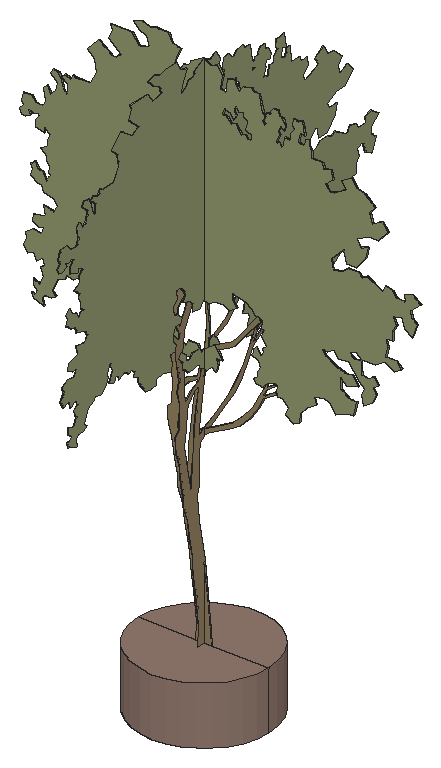
Revit family "L-PLT_목련", category 수목, Revit 2019
Family settings
  OmniClass 번호 = 23.40.05.00
  OmniClass 제목 = Plants and Planting Products
  작업 기준면 기반 = 아니오
  항상 수직 = 예
  로드될 때 보이드를 사용하여 절단 = 아니오
  렌더 모양 소스 = 패밀리 형상
  공유 = 아니오
Parameters
  콘 높이 = 뿌리분 직경 / 4  # 272.5 mm
  뿌리분 직경 = (24 mm + ((R / 10) - 3 mm) * 5) * 10  # 1090 mm
  뿌리분 높이 = 뿌리분 직경 / 2  # 545 mm
  높이 = 4500 mm
  R = 200 mm
  H = 높이  # 4500 mm
Reference planes
  plane 1 "중심(앞/뒤)": y = 0
  plane 2: z = 0
  plane 3 "중심(왼쪽/오른쪽)": x = 0
  plane 4: x = 482.5
  plane 5: x = -607.5
  plane 6: z = -545
  plane 7: z = -817.5
  plane 8: z = 4500
  plane 9: x = -100
  plane 10: x = 100
Forms (mm)
  Revolve 1, solid, material "흙"
    sketch origin (0, 0, 0) x (1, 0, 0) y (0, 0, 1)
      loop
        line (0, 0) -> (-607.5, 0) -> (-607.5, -545) -> (0, -545) -> (0, 0)
      axis (0, 0) -> (0, -545)
    angle from 0 to 360
  Revolve 2, solid, material "흙"
    sketch origin (0, 0, 0) x (1, 0, 0) y (0, 0, 1)
      loop
        line (0, -545) -> (-607.5, -545) -> (0, -817.5) -> (0, -545)
      axis (0, -545) -> (0, -817.5)
    angle from 0 to 360
Dimensions and locks
  "뿌리분 직경": plane 4 to plane 5
  "뿌리분 높이": plane 6 to level
  "콘 높이": plane 7 to plane 6
  "H": level to plane 8
  "R": plane 9 to plane 10
  aligned and locked: level to plane 2
Automatic sketch dimensions
  Revolve 1 sketch curve to level = 0 mm  (x2)
  Revolve 1 sketch curve to plane 5 = 0 mm
  Revolve 1 sketch curve to plane 3 "중심(왼쪽/오른쪽)" = 0 mm  (x2)
  Revolve 1 sketch curve to plane 6 = 0 mm  (x2)
  Revolve 2 sketch curve to plane 5 = 0 mm
  Revolve 2 sketch curve to plane 3 "중심(왼쪽/오른쪽)" = 0 mm  (x2)
  Revolve 2 sketch curve to plane 7 = 0 mm  (x2)
  Revolve 2 sketch curve to plane 6 = 0 mm  (x2)
Nested families
  nested 1: "목련_base" at (0, 0, 0), type "목련_base"
Definition of nested family "목련_base"
  Parameters (values of type "목련_base")
    Height = 6000 mm
  Reference planes
    plane 1 "중심(앞/뒤)": y = 0
    plane 2: z = 0
    plane 3 "중심(왼쪽/오른쪽)": x = 0
  Forms (mm)
    Extrusion 1, solid, detail levels fine
      sketch origin (0, 0, 0) x (1, 0, 0) y (0, 0, 1)
        loop
          line (-1402.115, 3232.192) -> (-1364.701, 3177.607) -> (-1398.07, 3125.044) -> (-1493.867, 3143.201) -> (-1476.65, 3058.16) -> (-1585.014, 3035.888) -> (-1596.154, 2978.182) -> (-1544.504, 2945.785) -> (-1489.816, 2955.909) -> (-1517.16, 2893.141) -> (-1596.154, 2907.314) -> (-1659.957, 2863.782) -> (-1649.83, 2812.15) -> (-1682.238, 2752.419) -> (-1647.804, 2694.713) -> (-1582.989, 2720.023) -> (-1562.734, 2656.242) -> (-1501.015, 2697.507) -> (-1484.798, 2641.783) -> (-1522.299, 2614.427) -> (-1496.961, 2542.492) -> (-1530.407, 2473.597) -> (-1588.178, 2496.9) -> (-1589.191, 2441.176) -> (-1548.65, 2407.741) -> (-1569.934, 2371.267) -> (-1608.448, 2379.373) -> (-1590.205, 2329.727) -> (-1489.866, 2298.319) -> (-1503.042, 2365.188) -> (-1476.69, 2393.557) -> (-1420.946, 2391.531) -> (-1377.365, 2419.899) -> (-1410.811, 2455.36) -> (-1362.801, 2563.351) -> (-1289.771, 2597.825) -> (-1278.614, 2627.23) -> (-1216.741, 2613.034) -> (-1156.898, 2660.69) -> (-1130.526, 2715.443) -> (-1144.726, 2761.07) -> (-1108.211, 2834.074) -> (-1082.853, 2825.963) -> (-1096.937, 2801.572) -> (-1068.352, 2752.676) -> (-1109.642, 2664.41) -> (-1057.553, 2643.454) -> (-1038.496, 2691.08) -> (-1005.463, 2678.38) -> (-999.111, 2639.644) -> (-938.764, 2677.11) -> (-888.58, 2640.914) -> (-844.749, 2661.235) -> (-812.987, 2623.134) -> (-821.245, 2588.208) -> (-768.521, 2567.888) -> (-770.426, 2520.897) -> (-759.627, 2504.387) -> (-733.583, 2465.651) -> (-690.387, 2410.406) -> (-633.215, 2395.165) -> (-623.052, 2406.595) -> (-568.421, 2404.055) -> (-568.421, 2452.951) -> (-489.667, 2471.87) -> (-399.117, 2450.512) -> (-384.873, 2515.604) -> (-402.163, 2591.965) -> (-342.089, 2586.876) -> (-331.907, 2640.822) -> (-359.399, 2674.411) -> (-367.545, 2733.446) -> (-342.089, 2800.624) -> (-284.052, 2792.481) -> (-265.724, 2839.302) -> (-305.99, 2887.216) -> (-364.073, 2899.44) -> (-367.13, 2972.781) -> (-321.275, 3025.749) -> (-333.503, 3099.09) -> (-279.497, 3097.053) -> (-257.079, 3068.531) -> (-231.604, 3042.047) -> (-218.357, 3005.377) -> (-241.794, 2962.594) -> (-167.408, 2933.054) -> (-140.914, 2900.458) -> (-132.763, 2834.248) -> (-56.339, 2826.099) -> (-23.731, 2872.955) -> (13.855, 2874.935) -> (51.478, 2856.449) -> (102.492, 2893.421) -> (191.767, 2902.983) -> (245.332, 2871.11) -> (316.114, 2918.282) -> (274.027, 2970.553) -> (274.027, 3022.824) -> (393.911, 2995.414) -> (452.577, 2955.254) -> (494.027, 2915.732) -> (552.055, 2890.234) -> (544.403, 2825.851) -> (569.91, 2819.477) -> (543.128, 2765.931) -> (595.265, 2692.21) -> (557.505, 2664.665) -> (567.71, 2630.998) -> (534.032, 2603.453) -> (496.272, 2656.503) -> (471.778, 2626.918) -> (471.778, 2595.292) -> (449.326, 2568.767) -> (514.642, 2543.262) -> (533.011, 2494.293) -> (507.498, 2448.384) -> (511.58, 2410.637) -> (473.819, 2383.092) -> (496.272, 2343.304) -> (564.649, 2340.244) -> (590.162, 2374.93) -> (668.112, 2411.887) -> (693.65, 2402.314) -> (682.478, 2341.683) -> (693.65, 2309.771) -> (739.271, 2305.817) -> (801.472, 2254.799) -> (772.764, 2183.054) -> (846.129, 2133.629) -> (905.141, 2165.516) -> (908.33, 2237.261) -> (973.721, 2313.789) -> (1058.251, 2363.213) -> (1039.112, 2425.392) -> (1137.996, 2447.713) -> (1183.573, 2426.69) -> (1237.737, 2347.066) -> (1336.507, 2391.656) -> (1408.195, 2401.211) -> (1438.463, 2522.24) -> (1374.741, 2520.648) -> (1288.715, 2581.163) -> (1285.529, 2673.527) -> (1344.473, 2625.753) -> (1451.506, 2659.254) -> (1397.342, 2737.286) -> (1354.329, 2719.769) -> (1247.594, 2754.804) -> (1145.638, 2805.764) -> (1112.184, 2851.946) -> (1164.755, 2847.169) -> (1223.698, 2883.796) -> (1263.525, 2821.689) -> (1362.295, 2834.429) -> (1404.608, 2773.168) -> (1449.162, 2704.77) -> (1504.855, 2657.05) -> (1477.804, 2601.377) -> (1496.899, 2513.89) -> (1579.643, 2566.382) -> (1621.015, 2644.325) -> (1593.964, 2696.817) -> (1638.518, 2731.811) -> (1601.92, 2793.847) -> (1546.227, 2754.08) -> (1482.578, 2763.624) -> (1479.396, 2824.07) -> (1477.804, 2879.743) -> (1417.338, 2878.152) -> (1360.054, 2913.147) -> (1431.659, 2935.416) -> (1484.169, 2892.468) -> (1609.876, 2898.831) -> (1695.802, 2949.732) -> (1794.459, 2905.194) -> (1857.51, 2943.339) -> (1806.63, 2995.79) -> (1709.639, 2998.969) -> (1727.129, 3080.031) -> (1714.409, 3146.787) -> (1773.24, 3156.324) -> (1773.24, 3235.796) -> (1809.81, 3289.837) -> (1778.01, 3359.773) -> (1851.15, 3386.793) -> (1881.36, 3289.837) -> (1954.5, 3245.333) -> (2005.38, 3370.899) -> (1951.32, 3409.045) -> (1943.37, 3469.444) -> (2037.181, 3547.327) -> (1956.09, 3604.547) -> (1886.13, 3577.526) -> (1892.49, 3525.075) -> (1808.22, 3526.664) -> (1774.83, 3571.168) -> (1704.291, 3588.698) -> (1673.801, 3527.742) -> (1536.6, 3611.557) -> (1488.325, 3586.159) -> (1445.132, 3614.097) -> (1356.205, 3614.097) -> (1302.849, 3570.919) -> (1216.463, 3550.6) -> (1201.218, 3642.036) -> (1315.553, 3756.33) -> (1340.961, 3647.115) -> (1432.428, 3647.115) -> (1521.355, 3756.33) -> (1544.222, 3850.305) -> (1470.54, 3837.606) -> (1432.428, 3885.863) -> (1544.222, 3949.36) -> (1638.231, 3946.82) -> (1732.239, 4048.415) -> (1676.342, 4116.992) -> (1587.415, 4071.274) -> (1556.926, 4152.55) -> (1610.282, 4210.967) -> (1513.733, 4297.322) -> (1440.051, 4307.482) -> (1391.776, 4388.758) -> (1292.686, 4325.261) -> (1338.42, 4266.844) -> (1231.707, 4208.427) -> (1178.351, 4190.648) -> (1145.321, 4251.605) -> (1213.922, 4307.482) -> (1201.218, 4386.218) -> (1127.536, 4373.518) -> (1119.913, 4416.696) -> (1015.742, 4424.316) -> (1015.742, 4482.733) -> (992.875, 4523.371) -> (992.875, 4566.335) -> (961.329, 4554.353) -> (949.343, 4489.451) -> (896.404, 4513.414) -> (908.39, 4592.295) -> (949.343, 4581.312) -> (941.352, 4643.219) -> (929.366, 4704.127) -> (893.407, 4684.157) -> (845.462, 4690.148) -> (838.471, 4630.238) -> (855.451, 4603.279) -> (814.498, 4553.354) -> (816.496, 4503.429) -> (763.557, 4505.426) -> (750.572, 4450.509) -> (739.585, 4400.585) -> (714.613, 4438.527) -> (686.646, 4438.527) -> (717.61, 4511.417) -> (704.625, 4537.378) -> (724.602, 4579.315) -> (758.563, 4559.345) -> (770.549, 4607.273) -> (744.579, 4657.198) -> (711.617, 4668.181) -> (703.626, 4709.119) -> (654.683, 4704.127) -> (629.711, 4670.178) -> (638.701, 4649.21) -> (592.754, 4651.207) -> (573.776, 4569.33) -> (591.755, 4555.351) -> (570.779, 4545.366) -> (551.801, 4571.327) -> (581.767, 4613.264) -> (557.794, 4642.22) -> (539.815, 4713.113) -> (525.305, 4783.499) -> (467.283, 4779.499) -> (453.278, 4810.5) -> (378.249, 4795.5) -> (341.235, 4749.498) -> (282.201, 4814.714) -> (226.968, 4803.671) -> (216.926, 4730.388) -> (220.943, 4686.218) -> (157.676, 4701.276) -> (181.778, 4819.733) -> (136.588, 4896.028) -> (71.313, 4857.88) -> (-4.005, 4899.039) -> (-117.483, 4838.807) -> (-124.06, 4802.064) -> (-183.332, 4789.009) -> (-202.42, 4751.851) -> (-285.803, 4701.638) -> (-253.655, 4811.102) -> (-208.447, 4906.507) -> (-288.817, 4927.597) -> (-322.973, 5000.908) -> (-439.509, 5003.92) -> (-505.814, 4982.831) -> (-575.132, 5007.937) -> (-652.487, 4986.848) -> (-600.247, 4929.605) -> (-526.911, 4900.482) -> (-498.781, 4818.132) -> (-599.243, 4796.039) -> (-667.651, 4883.313) -> (-863.879, 4883.313) -> (-847.795, 4838.293) -> (-883.18, 4759.508) -> (-764.157, 4659.821) -> (-841.361, 4616.409) -> (-976.469, 4708.057) -> (-1082.624, 4598.723) -> (-1018.288, 4537.625) -> (-1000.595, 4429.898) -> (-1055.281, 4322.172) -> (-1191.997, 4320.564) -> (-1213.659, 4337.104) -> (-1240.074, 4294.98) -> (-1294.161, 4310.698) -> (-1324.35, 4283.664) -> (-1274.036, 4235.254) -> (-1270.891, 4145.349) -> (-1310.514, 4183.7) -> (-1324.979, 4250.971) -> (-1349.507, 4308.183) -> (-1400.45, 4320.757) -> (-1424.349, 4281.149) -> (-1366.488, 4217.021) -> (-1380.324, 4138.433) -> (-1426.221, 4105.05) -> (-1458.443, 4161.418) -> (-1490.665, 4130.214) -> (-1474.554, 4022.51) -> (-1496.706, 3973.188) -> (-1563.164, 3977.215) -> (-1605.455, 4030.563) -> (-1682.989, 4023.517) -> (-1704.134, 3952.05) -> (-1679.831, 3915.984) -> (-1717.145, 3880.699) -> (-1697.984, 3840.374) -> (-1664.704, 3835.334) -> (-1614.28, 3861.545) -> (-1637.475, 3901.87) -> (-1592.093, 3882.716) -> (-1553.771, 3899.854) -> (-1530.576, 3881.707) -> (-1565.873, 3832.309) -> (-1566.881, 3778.879) -> (-1486.056, 3755.2) -> (-1483.533, 3795.546) -> (-1428.039, 3758.983) -> (-1460.831, 3705.399) -> (-1455.155, 3653.707) -> (-1518.217, 3614.622) -> (-1462.294, 3568.102) -> (-1466.336, 3527.7) -> (-1441.075, 3483.257) -> (-1444.107, 3435.784) -> (-1415.815, 3411.543) -> (-1448.148, 3399.422) -> (-1467.346, 3358.01) -> (-1494.628, 3417.603) -> (-1546.159, 3436.794) -> (-1570.409, 3489.318) -> (-1618.909, 3453.965) -> (-1596.68, 3415.583) -> (-1618.51, 3358.547) -> (-1551.771, 3310.027) -> (-1508.29, 3312.048) -> (-1493.122, 3255.441) -> (-1402.115, 3232.192)
        loop
          line (26.539, 2291.366) -> (78.667, 2337.345) -> (117.507, 2314.867) -> (142.038, 2375.151) -> (126.706, 2428.282) -> (180.879, 2428.282) -> (145.105, 2491.631) -> (105.189, 2535.243) -> (60.268, 2502.87) -> (-27.634, 2439.521) -> (-49.098, 2485.5) -> (-138.023, 2485.5) -> (-165.62, 2442.587) -> (-223.881, 2460.978) -> (-223.881, 2515.131) -> (-261.7, 2547.828) -> (-296.452, 2534.545) -> (-296.452, 2511.044) -> (-255.567, 2457.913) -> (-255.567, 2411.934) -> (-191.173, 2349.607) -> (-130.868, 2349.607) -> (-65.452, 2370.042) -> (-50.121, 2325.084) -> (26.539, 2291.366)
        loop
          line (261.545, 4445.488) -> (308.551, 4456.139) -> (332.368, 4414.787) -> (359.945, 4384.087) -> (395.671, 4397.871) -> (420.114, 4364.665) -> (453.959, 4367.797) -> (453.332, 4420.426) -> (392.537, 4441.728) -> (411.966, 4491.851) -> (411.966, 4523.178) -> (375.614, 4541.974) -> (379.375, 4582.699) -> (333.622, 4567.662) -> (298.523, 4605.254) -> (291.629, 4559.517) -> (307.298, 4524.431) -> (285.361, 4488.092) -> (257.157, 4535.082) -> (202.003, 4546.986) -> (183.2, 4499.37) -> (232.087, 4485.586) -> (261.545, 4445.488)
      from 0 to 5
    Extrusion 2, solid, detail levels fine
      sketch origin (0, 0, 0) x (1, 0, 0) y (0, 0, 1)
        loop
          line (-283.089, 2117.308) -> (-293.341, 1910.317) -> (-335.152, 1866.498) -> (-330.432, 1797.063) -> (-326.169, 1721.763) -> (-304.681, 1669.136) -> (-287.49, 1585.361) -> (-278.895, 1508.031) -> (-254.183, 1365.185) -> (-243.439, 1332.964) -> (-240.132, 1231.284) -> (-191.159, 1104.536) -> (-171.704, 965.046) -> (-134.03, 780.124) -> (-130.815, 710.494) -> (-113.088, 528.051) -> (-93.687, 409.124) -> (-63.843, 156.051) -> (-75, 0) -> (75, 0) -> (67.295, 126.981) -> (37.471, 406.719) -> (4.659, 694.647) -> (-61.761, 1045.843) -> (-86.231, 1271.238) -> (-69.216, 1348.115) -> (-69.216, 1611.663) -> (-53.836, 1699.513) -> (47.227, 1776.381) -> (242.346, 1876.329) -> (350.283, 1944.59) -> (437.292, 2032.669) -> (511.085, 2136.162) -> (568.358, 2241.857) -> (686.948, 2316.972) -> (678.409, 2338.923) -> (584.07, 2278.762) -> (566.584, 2277.543) -> (597.895, 2334.451) -> (689.388, 2398.27) -> (675.156, 2403.961) -> (608.061, 2358.434) -> (598.708, 2354.776) -> (600.742, 2375.1) -> (592.202, 2370.629) -> (560.485, 2317.785) -> (530.91, 2256.17) -> (465.928, 2136.162) -> (363.499, 2018.356) -> (277.591, 1944.59) -> (112.383, 1853.208) -> (-9.872, 1794.855) -> (-62.738, 1751.917) -> (-62.738, 1823.481) -> (-34.102, 2062.396) -> (9.953, 2266.078) -> (16.026, 2291.733) -> (-30.799, 2313.376) -> (-40.84, 2267.469) -> (-48.606, 2225.381) -> (-151.894, 2175.58) -> (-221.939, 2112.376) -> (-239.608, 2185.783) -> (-238.503, 2271.884) -> (-235.709, 2381.739) -> (-263.918, 2405.452) -> (-262.72, 2456.203) -> (-302.779, 2507.861) -> (-302.779, 2535.092) -> (-265.123, 2547.906) -> (-258.342, 2599.573) -> (-240.706, 2709.896) -> (-234.304, 2739.332) -> (-148.527, 2901.228) -> (-168.371, 2929.383) -> (-199.097, 2941.542) -> (-286.176, 2766.016) -> (-295.138, 2790.972) -> (-322.663, 2794.172) -> (-290.657, 2712.904) -> (-293.217, 2673.23) -> (-309.221, 2677.069) -> (-362.351, 2730.181) -> (-355.31, 2678.349) -> (-325.224, 2644.434) -> (-332.905, 2612.439) -> (-333.37, 2529.713) -> (-293.231, 2322.104) -> (-312.839, 2233.562) -> (-283.089, 2117.308)
        loop
          line (-206.48, 1555.476) -> (-176.664, 1385.48) -> (-161.205, 1349.053) -> (-146.849, 1364.507) -> (-147.953, 1419.7) -> (-135.806, 1517.944) -> (-134.702, 1613.98) -> (-123.66, 1681.316) -> (-112.617, 1840.273) -> (-93.844, 2003.645) -> (-61.821, 2153.771) -> (-54.921, 2191.16) -> (-134.207, 2142.228) -> (-198.121, 2073.112) -> (-204.271, 2038.969) -> (-217.522, 1882.22) -> (-232.982, 1813.78) -> (-238.503, 1736.509) -> (-225.252, 1690.147) -> (-206.48, 1555.476)
        loop
          line (505.008, 2907.007) -> (307.766, 2658.038) -> (266.791, 2613.021) -> (110.236, 2533.335) -> (138.506, 2502.771) -> (245.974, 2556.935) -> (297.778, 2594.479) -> (431.172, 2759.545) -> (548.846, 2886.996) -> (505.008, 2907.007)
        loop
          line (19.365, 2866.457) -> (28.227, 2665.213) -> (10.836, 2471.8) -> (48.769, 2498.931) -> (56.594, 2664.808) -> (44.817, 2855.957) -> (19.365, 2866.457)
      from 0 to 5
    Extrusion 3, solid, detail levels fine
      sketch origin (0, 0, 0) x (0, 1, 0) y (0, 0, 1)
        loop
          line (-1402.115, 3232.192) -> (-1364.701, 3177.607) -> (-1398.07, 3125.044) -> (-1493.867, 3143.201) -> (-1476.65, 3058.16) -> (-1585.014, 3035.888) -> (-1596.154, 2978.182) -> (-1544.504, 2945.785) -> (-1489.816, 2955.909) -> (-1517.16, 2893.141) -> (-1596.154, 2907.314) -> (-1659.957, 2863.782) -> (-1649.83, 2812.15) -> (-1682.238, 2752.419) -> (-1647.804, 2694.713) -> (-1582.989, 2720.023) -> (-1562.734, 2656.242) -> (-1501.015, 2697.507) -> (-1484.798, 2641.783) -> (-1522.299, 2614.427) -> (-1496.961, 2542.492) -> (-1530.407, 2473.597) -> (-1588.178, 2496.9) -> (-1589.191, 2441.176) -> (-1548.65, 2407.741) -> (-1569.934, 2371.267) -> (-1608.448, 2379.373) -> (-1590.205, 2329.727) -> (-1489.866, 2298.319) -> (-1503.042, 2365.188) -> (-1476.69, 2393.557) -> (-1420.946, 2391.531) -> (-1377.365, 2419.899) -> (-1410.811, 2455.36) -> (-1362.801, 2563.351) -> (-1289.771, 2597.825) -> (-1278.614, 2627.23) -> (-1216.741, 2613.034) -> (-1156.898, 2660.69) -> (-1130.526, 2715.443) -> (-1144.726, 2761.07) -> (-1108.211, 2834.074) -> (-1082.853, 2825.963) -> (-1096.937, 2801.572) -> (-1068.352, 2752.676) -> (-1109.642, 2664.41) -> (-1057.553, 2643.454) -> (-1038.496, 2691.08) -> (-1005.463, 2678.38) -> (-999.111, 2639.644) -> (-938.764, 2677.11) -> (-888.58, 2640.914) -> (-844.749, 2661.235) -> (-812.987, 2623.134) -> (-821.245, 2588.208) -> (-768.521, 2567.888) -> (-770.426, 2520.897) -> (-759.627, 2504.387) -> (-733.583, 2465.651) -> (-690.387, 2410.406) -> (-633.215, 2395.165) -> (-623.052, 2406.595) -> (-568.421, 2404.055) -> (-568.421, 2452.951) -> (-489.667, 2471.87) -> (-399.117, 2450.512) -> (-384.873, 2515.604) -> (-402.163, 2591.965) -> (-342.089, 2586.876) -> (-331.907, 2640.822) -> (-359.399, 2674.411) -> (-367.545, 2733.446) -> (-342.089, 2800.624) -> (-284.052, 2792.481) -> (-265.724, 2839.302) -> (-305.99, 2887.216) -> (-364.073, 2899.44) -> (-367.13, 2972.781) -> (-321.275, 3025.749) -> (-333.503, 3099.09) -> (-279.497, 3097.053) -> (-257.079, 3068.531) -> (-231.604, 3042.047) -> (-218.357, 3005.377) -> (-241.794, 2962.594) -> (-167.408, 2933.054) -> (-140.914, 2900.458) -> (-132.763, 2834.248) -> (-56.339, 2826.099) -> (-23.731, 2872.955) -> (13.855, 2874.935) -> (51.478, 2856.449) -> (102.492, 2893.421) -> (191.767, 2902.983) -> (245.332, 2871.11) -> (316.114, 2918.282) -> (274.027, 2970.553) -> (274.027, 3022.824) -> (393.911, 2995.414) -> (452.577, 2955.254) -> (494.027, 2915.732) -> (552.055, 2890.234) -> (544.403, 2825.851) -> (569.91, 2819.477) -> (543.128, 2765.931) -> (595.265, 2692.21) -> (557.505, 2664.665) -> (567.71, 2630.998) -> (534.032, 2603.453) -> (496.272, 2656.503) -> (471.778, 2626.918) -> (471.778, 2595.292) -> (449.326, 2568.767) -> (514.642, 2543.262) -> (533.011, 2494.293) -> (507.498, 2448.384) -> (511.58, 2410.637) -> (473.819, 2383.092) -> (496.272, 2343.304) -> (564.649, 2340.244) -> (590.162, 2374.93) -> (668.112, 2411.887) -> (693.65, 2402.314) -> (682.478, 2341.683) -> (693.65, 2309.771) -> (739.271, 2305.817) -> (801.472, 2254.799) -> (772.764, 2183.054) -> (846.129, 2133.629) -> (905.141, 2165.516) -> (908.33, 2237.261) -> (973.721, 2313.789) -> (1058.251, 2363.213) -> (1039.112, 2425.392) -> (1137.996, 2447.713) -> (1183.573, 2426.69) -> (1237.737, 2347.066) -> (1336.507, 2391.656) -> (1408.195, 2401.211) -> (1438.463, 2522.24) -> (1374.741, 2520.648) -> (1288.715, 2581.163) -> (1285.529, 2673.527) -> (1344.473, 2625.753) -> (1451.506, 2659.254) -> (1397.342, 2737.286) -> (1354.329, 2719.769) -> (1247.594, 2754.804) -> (1145.638, 2805.764) -> (1112.184, 2851.946) -> (1164.755, 2847.169) -> (1223.698, 2883.796) -> (1263.525, 2821.689) -> (1362.295, 2834.429) -> (1404.608, 2773.168) -> (1449.162, 2704.77) -> (1504.855, 2657.05) -> (1477.804, 2601.377) -> (1496.899, 2513.89) -> (1579.643, 2566.382) -> (1621.015, 2644.325) -> (1593.964, 2696.817) -> (1638.518, 2731.811) -> (1601.92, 2793.847) -> (1546.227, 2754.08) -> (1482.578, 2763.624) -> (1479.396, 2824.07) -> (1477.804, 2879.743) -> (1417.338, 2878.152) -> (1360.054, 2913.147) -> (1431.659, 2935.416) -> (1484.169, 2892.468) -> (1609.876, 2898.831) -> (1695.802, 2949.732) -> (1794.459, 2905.194) -> (1857.51, 2943.339) -> (1806.63, 2995.79) -> (1709.639, 2998.969) -> (1727.129, 3080.031) -> (1714.409, 3146.787) -> (1773.24, 3156.324) -> (1773.24, 3235.796) -> (1809.81, 3289.837) -> (1778.01, 3359.773) -> (1851.15, 3386.793) -> (1881.36, 3289.837) -> (1954.5, 3245.333) -> (2005.38, 3370.899) -> (1951.32, 3409.045) -> (1943.37, 3469.444) -> (2037.181, 3547.327) -> (1956.09, 3604.547) -> (1886.13, 3577.526) -> (1892.49, 3525.075) -> (1808.22, 3526.664) -> (1774.83, 3571.168) -> (1704.291, 3588.698) -> (1673.801, 3527.742) -> (1536.6, 3611.557) -> (1488.325, 3586.159) -> (1445.132, 3614.097) -> (1356.205, 3614.097) -> (1302.849, 3570.919) -> (1216.463, 3550.6) -> (1201.218, 3642.036) -> (1315.553, 3756.33) -> (1340.961, 3647.115) -> (1432.428, 3647.115) -> (1521.355, 3756.33) -> (1544.222, 3850.305) -> (1470.54, 3837.606) -> (1432.428, 3885.863) -> (1544.222, 3949.36) -> (1638.231, 3946.82) -> (1732.239, 4048.415) -> (1676.342, 4116.992) -> (1587.415, 4071.274) -> (1556.926, 4152.55) -> (1610.282, 4210.967) -> (1513.733, 4297.322) -> (1440.051, 4307.482) -> (1391.776, 4388.758) -> (1292.686, 4325.261) -> (1338.42, 4266.844) -> (1231.707, 4208.427) -> (1178.351, 4190.648) -> (1145.321, 4251.605) -> (1213.922, 4307.482) -> (1201.218, 4386.218) -> (1127.536, 4373.518) -> (1119.913, 4416.696) -> (1015.742, 4424.316) -> (1015.742, 4482.733) -> (992.875, 4523.371) -> (992.875, 4566.335) -> (961.329, 4554.353) -> (949.343, 4489.451) -> (896.404, 4513.414) -> (908.39, 4592.295) -> (949.343, 4581.312) -> (941.352, 4643.219) -> (929.366, 4704.127) -> (893.407, 4684.157) -> (845.462, 4690.148) -> (838.471, 4630.238) -> (855.451, 4603.279) -> (814.498, 4553.354) -> (816.496, 4503.429) -> (763.557, 4505.426) -> (750.572, 4450.509) -> (739.585, 4400.585) -> (714.613, 4438.527) -> (686.646, 4438.527) -> (717.61, 4511.417) -> (704.625, 4537.378) -> (724.602, 4579.315) -> (758.563, 4559.345) -> (770.549, 4607.273) -> (744.579, 4657.198) -> (711.617, 4668.181) -> (703.626, 4709.119) -> (654.683, 4704.127) -> (629.711, 4670.178) -> (638.701, 4649.21) -> (592.754, 4651.207) -> (573.776, 4569.33) -> (591.755, 4555.351) -> (570.779, 4545.366) -> (551.801, 4571.327) -> (581.767, 4613.264) -> (557.794, 4642.22) -> (539.815, 4713.113) -> (525.305, 4783.499) -> (467.283, 4779.499) -> (453.278, 4810.5) -> (378.249, 4795.5) -> (341.235, 4749.498) -> (282.201, 4814.714) -> (226.968, 4803.671) -> (216.926, 4730.388) -> (220.943, 4686.218) -> (157.676, 4701.276) -> (181.778, 4819.733) -> (136.588, 4896.028) -> (71.313, 4857.88) -> (-4.005, 4899.039) -> (-117.483, 4838.807) -> (-124.06, 4802.064) -> (-183.332, 4789.009) -> (-202.42, 4751.851) -> (-285.803, 4701.638) -> (-253.655, 4811.102) -> (-208.447, 4906.507) -> (-288.817, 4927.597) -> (-322.973, 5000.908) -> (-439.509, 5003.92) -> (-505.814, 4982.831) -> (-575.132, 5007.937) -> (-652.487, 4986.848) -> (-600.247, 4929.605) -> (-526.911, 4900.482) -> (-498.781, 4818.132) -> (-599.243, 4796.039) -> (-667.651, 4883.313) -> (-863.879, 4883.313) -> (-847.795, 4838.293) -> (-883.18, 4759.508) -> (-764.157, 4659.821) -> (-841.361, 4616.409) -> (-976.469, 4708.057) -> (-1082.624, 4598.723) -> (-1018.288, 4537.625) -> (-1000.595, 4429.898) -> (-1055.281, 4322.172) -> (-1191.997, 4320.564) -> (-1213.659, 4337.104) -> (-1240.074, 4294.98) -> (-1294.161, 4310.698) -> (-1324.35, 4283.664) -> (-1274.036, 4235.254) -> (-1270.891, 4145.349) -> (-1310.514, 4183.7) -> (-1324.979, 4250.971) -> (-1349.507, 4308.183) -> (-1400.45, 4320.757) -> (-1424.349, 4281.149) -> (-1366.488, 4217.021) -> (-1380.324, 4138.433) -> (-1426.221, 4105.05) -> (-1458.443, 4161.418) -> (-1490.665, 4130.214) -> (-1474.554, 4022.51) -> (-1496.706, 3973.188) -> (-1563.164, 3977.215) -> (-1605.455, 4030.563) -> (-1682.989, 4023.517) -> (-1704.134, 3952.05) -> (-1679.831, 3915.984) -> (-1717.145, 3880.699) -> (-1697.984, 3840.374) -> (-1664.704, 3835.334) -> (-1614.28, 3861.545) -> (-1637.475, 3901.87) -> (-1592.093, 3882.716) -> (-1553.771, 3899.854) -> (-1530.576, 3881.707) -> (-1565.873, 3832.309) -> (-1566.881, 3778.879) -> (-1486.056, 3755.2) -> (-1483.533, 3795.546) -> (-1428.039, 3758.983) -> (-1460.831, 3705.399) -> (-1455.155, 3653.707) -> (-1518.217, 3614.622) -> (-1462.294, 3568.102) -> (-1466.336, 3527.7) -> (-1441.075, 3483.257) -> (-1444.107, 3435.784) -> (-1415.815, 3411.543) -> (-1448.148, 3399.422) -> (-1467.346, 3358.01) -> (-1494.628, 3417.603) -> (-1546.159, 3436.794) -> (-1570.409, 3489.318) -> (-1618.909, 3453.965) -> (-1596.68, 3415.583) -> (-1618.51, 3358.547) -> (-1551.771, 3310.027) -> (-1508.29, 3312.048) -> (-1493.122, 3255.441) -> (-1402.115, 3232.192)
        loop
          line (26.539, 2291.366) -> (78.667, 2337.345) -> (117.507, 2314.867) -> (142.038, 2375.151) -> (126.706, 2428.282) -> (180.879, 2428.282) -> (145.105, 2491.631) -> (105.189, 2535.243) -> (60.268, 2502.87) -> (-27.634, 2439.521) -> (-49.098, 2485.5) -> (-138.023, 2485.5) -> (-165.62, 2442.587) -> (-223.881, 2460.978) -> (-223.881, 2515.131) -> (-261.7, 2547.828) -> (-296.452, 2534.545) -> (-296.452, 2511.044) -> (-255.567, 2457.913) -> (-255.567, 2411.934) -> (-191.173, 2349.607) -> (-130.868, 2349.607) -> (-65.452, 2370.042) -> (-50.121, 2325.084) -> (26.539, 2291.366)
        loop
          line (261.545, 4445.488) -> (308.551, 4456.139) -> (332.368, 4414.787) -> (359.945, 4384.087) -> (395.671, 4397.871) -> (420.114, 4364.665) -> (453.959, 4367.797) -> (453.332, 4420.426) -> (392.537, 4441.728) -> (411.966, 4491.851) -> (411.966, 4523.178) -> (375.614, 4541.974) -> (379.375, 4582.699) -> (333.622, 4567.662) -> (298.523, 4605.254) -> (291.629, 4559.517) -> (307.298, 4524.431) -> (285.361, 4488.092) -> (257.157, 4535.082) -> (202.003, 4546.986) -> (183.2, 4499.37) -> (232.087, 4485.586) -> (261.545, 4445.488)
      from 0 to 5
    Extrusion 4, solid, detail levels fine
      sketch origin (0, 0, 0) x (0, 1, 0) y (0, 0, 1)
        loop
          line (-283.089, 2117.308) -> (-293.341, 1910.317) -> (-335.152, 1866.498) -> (-330.432, 1797.063) -> (-326.169, 1721.763) -> (-304.681, 1669.136) -> (-287.49, 1585.361) -> (-278.895, 1508.031) -> (-254.183, 1365.185) -> (-243.439, 1332.964) -> (-240.132, 1231.284) -> (-191.159, 1104.536) -> (-171.704, 965.046) -> (-134.03, 780.124) -> (-130.815, 710.494) -> (-113.088, 528.051) -> (-93.687, 409.124) -> (-63.843, 156.051) -> (-75, 0) -> (75, 0) -> (67.295, 126.981) -> (37.471, 406.719) -> (4.659, 694.647) -> (-61.761, 1045.843) -> (-86.231, 1271.238) -> (-69.216, 1348.115) -> (-69.216, 1611.663) -> (-53.836, 1699.513) -> (47.227, 1776.381) -> (242.346, 1876.329) -> (350.283, 1944.59) -> (437.292, 2032.669) -> (511.085, 2136.162) -> (568.358, 2241.857) -> (686.948, 2316.972) -> (678.409, 2338.923) -> (584.07, 2278.762) -> (566.584, 2277.543) -> (597.895, 2334.451) -> (689.388, 2398.27) -> (675.156, 2403.961) -> (608.061, 2358.434) -> (598.708, 2354.776) -> (600.742, 2375.1) -> (592.202, 2370.629) -> (560.485, 2317.785) -> (530.91, 2256.17) -> (465.928, 2136.162) -> (363.499, 2018.356) -> (277.591, 1944.59) -> (112.383, 1853.208) -> (-9.872, 1794.855) -> (-62.738, 1751.917) -> (-62.738, 1823.481) -> (-34.102, 2062.396) -> (9.953, 2266.078) -> (16.026, 2291.733) -> (-30.799, 2313.376) -> (-40.84, 2267.469) -> (-48.606, 2225.381) -> (-151.894, 2175.58) -> (-221.939, 2112.376) -> (-239.608, 2185.783) -> (-238.503, 2271.884) -> (-235.709, 2381.739) -> (-263.918, 2405.452) -> (-262.72, 2456.203) -> (-302.779, 2507.861) -> (-302.779, 2535.092) -> (-265.123, 2547.906) -> (-258.342, 2599.573) -> (-240.706, 2709.896) -> (-234.304, 2739.332) -> (-148.527, 2901.228) -> (-168.371, 2929.383) -> (-199.097, 2941.542) -> (-286.176, 2766.016) -> (-295.138, 2790.972) -> (-322.663, 2794.172) -> (-290.657, 2712.904) -> (-293.217, 2673.23) -> (-309.221, 2677.069) -> (-362.351, 2730.181) -> (-355.31, 2678.349) -> (-325.224, 2644.434) -> (-332.905, 2612.439) -> (-333.37, 2529.713) -> (-293.231, 2322.104) -> (-312.839, 2233.562) -> (-283.089, 2117.308)
        loop
          line (-206.48, 1555.476) -> (-176.664, 1385.48) -> (-161.205, 1349.053) -> (-146.849, 1364.507) -> (-147.953, 1419.7) -> (-135.806, 1517.944) -> (-134.702, 1613.98) -> (-123.66, 1681.316) -> (-112.617, 1840.273) -> (-93.844, 2003.645) -> (-61.821, 2153.771) -> (-54.921, 2191.16) -> (-134.207, 2142.228) -> (-198.121, 2073.112) -> (-204.271, 2038.969) -> (-217.522, 1882.22) -> (-232.982, 1813.78) -> (-238.503, 1736.509) -> (-225.252, 1690.147) -> (-206.48, 1555.476)
        loop
          line (505.008, 2907.007) -> (307.766, 2658.038) -> (266.791, 2613.021) -> (110.236, 2533.335) -> (138.506, 2502.771) -> (245.974, 2556.935) -> (297.778, 2594.479) -> (431.172, 2759.545) -> (548.846, 2886.996) -> (505.008, 2907.007)
        loop
          line (19.365, 2866.457) -> (28.227, 2665.213) -> (10.836, 2471.8) -> (48.769, 2498.931) -> (56.594, 2664.808) -> (44.817, 2855.957) -> (19.365, 2866.457)
      from 0 to 5
    Revolve 5, solid, detail levels coarse
      sketch origin (0, 0, 0) x (1, 0, 0) y (0, 0, 1)
        loop
          line (0, 0) -> (0, 4991.25) -> (-1100, 4991.25) -> (-1711.515, 4379.735) -> (-1195, 2563.186) -> (-75, 2563.186) -> (-75, 0) -> (0, 0)
        axis (0, 0) -> (0, 4991.25)
      angle from 0 to 360
  Lines and regions (mm)
    symbolic lines
      curve 1: arc (4.659, 0, 0) -> (-40.022, -187.952, 0) -> (-123.309, -362.266, 0) r 911.548
      curve 2: arc (-123.309, -362.266, 0) -> (-241.461, -515.113, 0) -> (-389.17, -639.629, 0) r 911.548
      curve 3: arc (-389.17, -639.629, 0) -> (-610.775, -748.947, 0) -> (-853.598, -794.73, 0) r 911.548
      curve 4: arc (-853.598, -794.73, 0) -> (-1099.796, -773.615, 0) -> (-1331.277, -687.152, 0) r 911.548
      curve 5: arc (4.659, 0, 0) -> (-202.143, 107.745, 0) -> (-379.988, 258.567, 0) r 1047.603
      curve 6: arc (-379.988, 258.567, 0) -> (-488.366, 411.639, 0) -> (-550.283, 588.678, 0) r 672.881
      curve 7: arc (-550.283, 588.678, 0) -> (-572.561, 725.956, 0) -> (-584.976, 864.475, 0) r 1945.92
      curve 8: arc (-584.976, 864.475, 0) -> (-585.338, 964, 0) -> (-575.758, 1063.063, 0) r 995.324
      curve 9: arc (-575.758, 1063.063, 0) -> (-555.538, 1155.592, 0) -> (-522.831, 1244.477, 0) r 689.611
      curve 10: arc (-522.831, 1244.477, 0) -> (-469.182, 1348.311, 0) -> (-404.345, 1445.552, 0) r 1051.825
      curve 11: arc (4.659, 0, 0) -> (-216.666, -117.083, 0) -> (-462.163, -166.327, 0) r 870.539
      curve 12: arc (-462.163, -166.327, 0) -> (-711.52, -143.658, 0) -> (-944.112, -50.951, 0) r 870.539
      curve 13: arc (-944.112, -50.951, 0) -> (-1105.681, 69.221, 0) -> (-1235.318, 223.299, 0) r 870.539
      curve 14: arc (-1235.318, 223.299, 0) -> (-1326.088, 403.04, 0) -> (-1373.133, 598.827, 0) r 870.539
      curve 15: arc (4.659, 0, 0) -> (201.796, 30.413, 0) -> (401.259, 28.855, 0) r 1241.239
      curve 16: arc (401.259, 28.855, 0) -> (542.533, 0.167, 0) -> (673.893, -59.212, 0) r 644.346
      curve 17: arc (673.893, -59.212, 0) -> (836.628, -167.094, 0) -> (988.081, -290.315, 0) r 2002.199
      curve 18: arc (988.081, -290.315, 0) -> (1088.177, -393.03, 0) -> (1173.754, -508.121, 0) r 1078.125
      curve 19: arc (1231.348, -620.363, 0) -> (1260.601, -703.077, 0) -> (1283.916, -787.657, 0) r 1236.859
      curve 20: arc (4.659, 0, 0) -> (-42.395, 254.648, 0) -> (-29.683, 513.294, 0) r 1119.554
      curve 21: arc (-29.683, 513.294, 0) -> (32.471, 702.39, 0) -> (148.557, 864.083, 0) r 654.95
      curve 22: arc (148.557, 864.083, 0) -> (255.044, 967.542, 0) -> (366.492, 1065.637, 0) r 3017
      curve 23: arc (366.492, 1065.637, 0) -> (437.525, 1120.352, 0) -> (512.78, 1169.095, 0) r 1099.143
      curve 24: arc (631.751, 1227.252, 0) -> (711.225, 1255.751, 0) -> (792.316, 1279.257, 0) r 1358.097
      curve 25: arc (4.659, 0, 0) -> (164.452, 170.071, 0) -> (352.665, 308.035, 0) r 1270.096
      curve 26: arc (352.665, 308.035, 0) -> (562.942, 409.235, 0) -> (788.186, 470.255, 0) r 1270.096
      curve 27: arc (788.186, 470.255, 0) -> (955.285, 488.094, 0) -> (1123.277, 483.716, 0) r 1270.096
      curve 28: arc (1123.277, 483.716, 0) -> (1289.22, 457.198, 0) -> (1450.21, 409.003, 0) r 1270.096
      curve 29: arc (4.659, 0, 0) -> (187.533, -139.098, 0) -> (333.557, -316.491, 0) r 993.335
      curve 30: arc (333.557, -316.491, 0) -> (402.685, -473.273, 0) -> (419.832, -643.759, 0) r 546.147
      curve 31: arc (419.832, -643.759, 0) -> (405.561, -791.796, 0) -> (379.847, -938.279, 0) r 1915.484
      curve 32: arc (379.847, -938.279, 0) -> (348.202, -1057.494, 0) -> (305.54, -1173.225, 0) r 1316.615
      curve 33: arc (305.54, -1173.225, 0) -> (266.625, -1254.139, 0) -> (220.096, -1330.928, 0) r 930.835
      curve 34: arc (220.096, -1330.928, 0) -> (156.041, -1418.23, 0) -> (85.219, -1500.138, 0) r 1354.812
      curve 35: line (420.728, -613.07, 0) -> (1175.681, -941.068, 0)
      curve 36: line (396.929, -848.902, 0) -> (818.881, -1262.515, 0)
      curve 37: line (563.242, 409.346, 0) -> (1058.909, 1070.261, 0)
      curve 38: line (454.437, 1252.005, 0) -> (663.982, 1349.887, 0)
      curve 39: line (274.053, -1240.146, 0) -> (453.085, -1433.812, 0)
      curve 40: line (451.904, -1262.233, 0) -> (360.817, -1459.47, 0)
      curve 41: line (327.662, -1117.388, 0) -> (564.875, -1393.937, 0)
      curve 42: line (366.175, 1280.261, 0) -> (249.083, 1482.282, 0)
      curve 43: line (391.755, 1086.164, 0) -> (515.24, 1412.873, 0)
      curve 44: line (1334.084, -472.649, 0) -> (1376.266, -612.859, 0)
      curve 45: line (1095.885, -402.173, 0) -> (1421.803, -498.603, 0)
      curve 46: line (719.161, -1164.766, 0) -> (635.61, -1363.379, 0)
      curve 47: line (633.924, -1081.213, 0) -> (1027.281, -1100.521, 0)
      curve 48: line (963.74, -1027.978, 0) -> (1100.943, -1027.163, 0)
      curve 49: line (1001.228, -865.275, 0) -> (927.452, -1185.477, 0)
      curve 50: line (1059.072, -749.603, 0) -> (1243.293, -850.111, 0)
      curve 51: line (829.379, -790.613, 0) -> (1333.598, -700.588, 0)
      curve 52: line (1256.756, 464.171, 0) -> (1388.666, 584.317, 0)
      curve 53: line (994.038, 489.058, 0) -> (1322.012, 722.138, 0)
      curve 54: line (1329.577, -122.906, 0) -> (1478.341, -291.829, 0)
      curve 55: line (1347.582, 36.919, 0) -> (1506.464, -38.502, 0)
      curve 56: line (1162.893, 479.423, 0) -> (1461.796, 193.199, 0)
      curve 57: line (1211.654, -149.075, 0) -> (1489.15, 230.628, 0)
      curve 58: line (902.494, -217.681, 0) -> (1504.604, -84.065, 0)
      curve 59: line (1211.365, 643.506, 0) -> (1407.851, 536.613, 0)
      curve 60: line (1048.851, 939.373, 0) -> (1121.909, 1004.318, 0)
      curve 61: line (972.521, 955.072, 0) -> (1201.525, 907.973, 0)
      curve 62: line (817.757, 1087.041, 0) -> (984.553, 1138.732, 0)
      curve 63: line (760.889, 672.887, 0) -> (839.95, 1248.676, 0)
      curve 64: line (828.164, 762.589, 0) -> (1252.761, 836.149, 0)
      curve 65: line (1252.761, 836.149, 0) -> (1211.845, 829.06, 0)
      curve 66: line (-175.092, 1267.779, 0) -> (-78.137, 1500.016, 0)
      curve 67: line (-1289.176, -492.129, 0) -> (-1445.943, -390.713, 0)
      curve 68: line (-1152.58, -198.453, 0) -> (-1356.233, -636.299, 0)
      curve 69: line (-298.156, -1274.035, 0) -> (-475.144, -1423.62, 0)
      curve 70: line (-483.268, -978.459, 0) -> (-160.933, -1493.145, 0)
      curve 71: line (-389.17, -639.629, 0) -> (-594.168, -1377.791, 0)
      curve 72: line (-533.431, -1159.087, 0) -> (-835.549, -1245.373, 0)
      curve 73: line (-1098.423, -773.923, 0) -> (-1144.741, -967.359, 0)
      curve 74: line (-932.449, -941.199, 0) -> (-913.719, -1188.901, 0)
      curve 75: line (-841.805, -794.059, 0) -> (-1025.977, -1093.02, 0)
      curve 76: line (-146.499, 1183.016, 0) -> (-513.322, 1410.177, 0)
      curve 77: line (-1339.188, 54.842, 0) -> (-1491.58, 134.803, 0)
      curve 78: line (-1268.024, 276.95, 0) -> (-1471.951, 276.95, 0)
      curve 79: line (-1189.697, 160.485, 0) -> (-1496.582, -56.387, 0)
      curve 80: line (-1264.511, -262.794, 0) -> (-1493.571, -110.496, 0)
      curve 81: line (-919.646, -64.556, 0) -> (-1451.32, -370.176, 0)
      curve 82: line (-1163.075, 677.061, 0) -> (-1267.421, 799.197, 0)
      curve 83: line (-498.438, 1295.223, 0) -> (-623.932, 1364.47, 0)
      curve 84: line (-576.369, 1058.857, 0) -> (-884.099, 1211.203, 0)
      curve 85: line (-887.222, 1019.851, 0) -> (-809.235, 1262.727, 0)
      curve 86: line (-578.228, 776.293, 0) -> (-1004.846, 1112.566, 0)
      curve 87: line (-1015.413, 812.754, 0) -> (-1093.871, 1024.761, 0)
      curve 88: line (-852.668, 752.039, 0) -> (-1359.318, 629.658, 0)
      curve 89: line (-560.298, 642.964, 0) -> (-1209.244, 885.067, 0)
      curve 90: line (18.984, 1261.009, 0) -> (-176.891, 1491.289, 0)
      curve 91: line (22.528, 681.949, 0) -> (-247.04, 1481.064, 0)
      curve 92: line (1173.754, -508.121, 0) -> (1231.348, -620.363, 0)
      curve 93: line (512.78, 1169.095, 0) -> (631.751, 1227.252, 0)
      curve 94: line (171.132, 1205.603, 0) -> (39.598, 1501.893, 0)
      curve 95: line (241.652, -1297.416, 0) -> (-84.554, -1499.648, 0)
      curve 96: line (121.223, 1123.535, 0) -> (551.89, 1399.086, 0)
      curve 97: line (-117.875, 1098.164, 0) -> (209.929, 1488.209, 0)
      curve 98: line (-38.072, 861.593, 0) -> (329.896, 1466.671, 0)
  Dimensions and locks
    aligned and locked: level to plane 2
